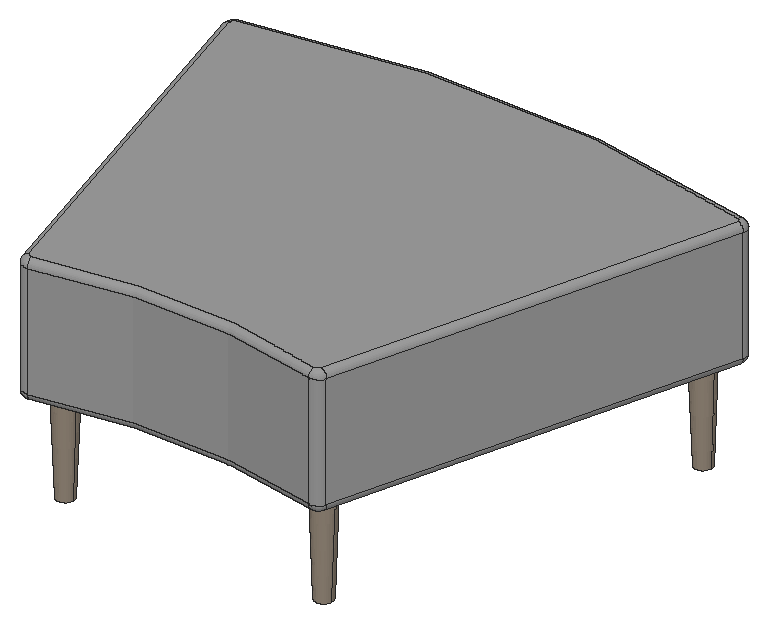
Revit family "Rise_RS-30-SPN-UPH_30DegSpannerUpholsteredTop", category Furniture, Revit 2021
Family settings
  OmniClass Number = 23.40.20.00
  OmniClass Title = General Furniture and Specialties
  Work Plane-Based = No
  Always vertical = Yes
  Cut with Voids When Loaded = No
  Shared = No
  Room Calculation Point = No
Parameters
  width = 39"
  seat material = Fabric 14i
  seat height = 16 1/2"
  front width = 22 19/128"
  depth = 30"
  Default Elevation = 0"
  Base material = wooden base 14
Reference planes (in)
  plane 1 "Center Front/Back": y = 0
  plane 2: z = 0
  plane 3 "Center Left/Right": x = 0
  plane 4: y = 15
  plane 5: y = -15
  plane 6: x = -19.5
  plane 7: x = 19.5
  plane 8: z = 16.5
  plane 9: z = 7.125
  plane 10: z = 17.25
  plane 11: x = 11.07422
  plane 12: x = -11.07422
  plane 13: through (11.07422, -15, 48) normal (-0.9627, 0.2704, 0)
  plane 14: through (-11.07422, -15, 48) normal (-0.9627, -0.2704, 0)
Forms (in)
  Blend 1, solid, material "wooden base 14" <- "Base material", not visible
    base sketch origin (-54.96047, -6.76014, 0) x (1, 0, 0) y (0, 1, 0)
      loop
        circle (63.95812, -0.39635) r 0.875
    top sketch origin (-54.96047, -6.76014, 0) x (1, 0, 0) y (0, 1, 0)
      loop
        circle (63.95812, -0.39635) r 0.62593
    from 7.12323 to 0
  Extrusion 2, void, not visible
    sketch origin (-14.90551, -4.34363, 0) x (1, 0, 0) y (0, 1, 0)
      loop
        circle (23.90316, -2.81286) r 0.3906
    from 0 to 7.12323
  Extrusion 3, solid, material "Fabric 14i" <- "seat material"
    sketch origin (0, 0, 0) x (1, 0, 0) y (0, 1, 0)
      loop
        arc (-11.25317, -14.36283) -> (-10.90582, -14.80972) -> (-10.34507, -14.88659) r 0.75
        arc (-10.34507, -14.88659) -> (0.00794, -13.56471) -> (10.36947, -14.81805) r 42.3
        arc (10.36947, -14.81805) -> (10.92756, -14.73872) -> (11.27277, -14.29307) r 0.75
        line (11.27277, -14.29307) -> (19.29303, 14.26308)
        arc (19.29303, 14.26308) -> (19.22022, 14.84134) -> (18.75535, 15.19286) r 0.75
        arc (18.75535, 15.19286) -> (0, 17.53423) -> (-18.75535, 15.19286) r 76.29
        arc (-18.75535, 15.19286) -> (-19.22022, 14.84134) -> (-19.29303, 14.26308) r 0.75
        line (-19.29303, 14.26308) -> (-11.25317, -14.36283)
    from 7.125 to 16.5
  Blend 4, solid, material "wooden base 14" <- "Base material"
    base sketch origin (-80.83141, -13.20324, 0) x (1, 0, 0) y (0, 1, 0)
      loop
        circle (63.95812, 26.80283) r 0.875
    top sketch origin (-80.83141, -13.20324, 0) x (1, 0, 0) y (0, 1, 0)
      loop
        circle (63.95812, 26.80283) r 0.62593
    from 7.12323 to 0
  Extrusion 5, void
    sketch origin (-40.77645, -10.78673, 0) x (1, 0, 0) y (0, 1, 0)
      loop
        circle (23.90316, 24.38632) r 0.3906
    from 0 to 7.12323
  Blend 6, solid, material "wooden base 14" <- "Base material"
    base sketch origin (-73.53069, -39.19746, 0) x (1, 0, 0) y (0, 1, 0)
      loop
        circle (63.95812, 26.80283) r 0.875
    top sketch origin (-73.53069, -39.19746, 0) x (1, 0, 0) y (0, 1, 0)
      loop
        circle (63.95812, 26.80283) r 0.62593
    from 7.12323 to 0
  Extrusion 7, void
    sketch origin (-33.47573, -36.78095, 0) x (1, 0, 0) y (0, 1, 0)
      loop
        circle (23.90316, 24.38632) r 0.3906
    from 0 to 7.12323
  Blend 8, solid, material "wooden base 14" <- "Base material"
    base sketch origin (73.53069, -12.79098, 0) x (-1, 0, 0) y (0, -1, 0)
      loop
        circle (63.95812, -0.39635) r 0.875
    top sketch origin (73.53069, -12.79098, 0) x (-1, 0, 0) y (0, -1, 0)
      loop
        circle (63.95812, -0.39635) r 0.62593
    from 7.12323 to 0
  Extrusion 9, void
    sketch origin (33.47573, -15.20749, 0) x (-1, 0, 0) y (0, -1, 0)
      loop
        circle (23.90316, -2.81286) r 0.3906
    from 0 to 7.12323
  Blend 10, solid, material "wooden base 14" <- "Base material"
    base sketch origin (80.83141, 13.20324, 0) x (-1, 0, 0) y (0, -1, 0)
      loop
        circle (63.95812, -0.39635) r 0.875
    top sketch origin (80.83141, 13.20324, 0) x (-1, 0, 0) y (0, -1, 0)
      loop
        circle (63.95812, -0.39635) r 0.62593
    from 7.12323 to 0
  Extrusion 11, void
    sketch origin (40.77645, 10.78673, 0) x (-1, 0, 0) y (0, -1, 0)
      loop
        circle (23.90316, -2.81286) r 0.3906
    from 0 to 7.12323
  Sweep 12, void
    path in 3D
      loop
        arc (-11.25317, -14.36283, 16.5) -> (-10.90582, -14.80972, 16.5) -> (-10.34507, -14.88659, 16.5) r 0.75
        arc (-10.34507, -14.88659, 16.5) -> (0.00794, -13.56471, 16.5) -> (10.36947, -14.81805, 16.5) r 42.3
        arc (10.36947, -14.81805, 16.5) -> (10.92756, -14.73872, 16.5) -> (11.27277, -14.29307, 16.5) r 0.75
        line (11.27277, -14.29307, 16.5) -> (19.29303, 14.26308, 16.5)
        arc (19.29303, 14.26308, 16.5) -> (19.22022, 14.84134, 16.5) -> (18.75535, 15.19286, 16.5) r 0.75
        arc (18.75535, 15.19286, 16.5) -> (0, 17.53423, 16.5) -> (-18.75535, 15.19286, 16.5) r 76.29
        arc (-18.75535, 15.19286, 16.5) -> (-19.22022, 14.84134, 16.5) -> (-19.29303, 14.26308, 16.5) r 0.75
        line (-19.29303, 14.26308, 16.5) -> (-11.25317, -14.36283, 16.5)
    profile origin (-15.2731, -0.04987, 16.5) x (0.962749, 0.270397, 0) y (0, 0, 1)
      loop
        line (0, 0) -> (0, -0.5)
        arc (0, -0.5) -> (0.14645, -0.14645) -> (0.5, 0) r 0.5
        line (0.5, 0) -> (0, 0)
  Sweep 13, void
    path in 3D
      loop
        arc (11.27277, -14.29307, 7.125) -> (10.92756, -14.73872, 7.125) -> (10.36947, -14.81805, 7.125) r 0.75
        arc (10.36947, -14.81805, 7.125) -> (0.00794, -13.56471, 7.125) -> (-10.34507, -14.88659, 7.125) r 42.3
        arc (-10.34507, -14.88659, 7.125) -> (-10.90582, -14.80972, 7.125) -> (-11.25317, -14.36283, 7.125) r 0.75
        line (-11.25317, -14.36283, 7.125) -> (-19.29303, 14.26308, 7.125)
        arc (-19.29303, 14.26308, 7.125) -> (-19.22022, 14.84134, 7.125) -> (-18.75535, 15.19286, 7.125) r 0.75
        arc (-18.75535, 15.19286, 7.125) -> (0, 17.53423, 7.125) -> (18.75535, 15.19286, 7.125) r 76.29
        arc (18.75535, 15.19286, 7.125) -> (19.22022, 14.84134, 7.125) -> (19.29303, 14.26308, 7.125) r 0.75
        line (19.29303, 14.26308, 7.125) -> (11.27277, -14.29307, 7.125)
    profile origin (15.2829, -0.01499, 7.125) x (-0.962749, 0.270397, 0) y (0, 0, -1)
      loop
        line (0, 0) -> (0, -0.5)
        arc (0, -0.5) -> (0.14645, -0.14645) -> (0.5, 0) r 0.5
        line (0.5, 0) -> (0, 0)
Cuts and joins
  Extrusion 5, Extrusion 7, Extrusion 9, Extrusion 11, Sweep 12, Sweep 13 cuts Extrusion 3
  Extrusion 5, Extrusion 7, Extrusion 11 cuts Blend 4
  Extrusion 7, Extrusion 9 cuts Blend 6
  Extrusion 9 cuts Blend 8
  Extrusion 11 cuts Blend 10
Lines and regions (in)
  sketch lines
    curve 1: line (-19.29303, 14.26308, 16.5) -> (-11.25317, -14.36283, 16.5)
    curve 2: arc (-10.34507, -14.88659, 16.5) -> (-10.90582, -14.80972, 16.5) -> (-11.25317, -14.36283, 16.5) r 0.75
    curve 3: arc (10.36947, -14.81805, 16.5) -> (0.00794, -13.56471, 16.5) -> (-10.34507, -14.88659, 16.5) r 42.3
    curve 4: arc (11.27277, -14.29307, 16.5) -> (10.92756, -14.73872, 16.5) -> (10.36947, -14.81805, 16.5) r 0.75
    curve 5: line (11.27277, -14.29307, 16.5) -> (19.29303, 14.26308, 16.5)
    curve 6: arc (18.75535, 15.19286, 16.5) -> (19.22022, 14.84134, 16.5) -> (19.29303, 14.26308, 16.5) r 0.75
    curve 7: arc (-18.75535, 15.19286, 16.5) -> (0, 17.53423, 16.5) -> (18.75535, 15.19286, 16.5) r 76.29
    curve 8: arc (-19.29303, 14.26308, 16.5) -> (-19.22022, 14.84134, 16.5) -> (-18.75535, 15.19286, 16.5) r 0.75
    curve 9: line (19.29303, 14.26308, 7.125) -> (11.27277, -14.29307, 7.125)
    curve 10: arc (10.36947, -14.81805, 7.125) -> (10.92756, -14.73872, 7.125) -> (11.27277, -14.29307, 7.125) r 0.75
    curve 11: arc (-10.34507, -14.88659, 7.125) -> (0.00794, -13.56471, 7.125) -> (10.36947, -14.81805, 7.125) r 42.3
    curve 12: arc (-11.25317, -14.36283, 7.125) -> (-10.90582, -14.80972, 7.125) -> (-10.34507, -14.88659, 7.125) r 0.75
    curve 13: line (-11.25317, -14.36283, 7.125) -> (-19.29303, 14.26308, 7.125)
    curve 14: arc (-18.75535, 15.19286, 7.125) -> (-19.22022, 14.84134, 7.125) -> (-19.29303, 14.26308, 7.125) r 0.75
    curve 15: arc (18.75535, 15.19286, 7.125) -> (0, 17.53423, 7.125) -> (-18.75535, 15.19286, 7.125) r 76.29
    curve 16: arc (19.29303, 14.26308, 7.125) -> (19.22022, 14.84134, 7.125) -> (18.75535, 15.19286, 7.125) r 0.75
Dimensions and locks (in)
  equal spacing: plane 6, plane 3 "Center Left/Right", plane 7
  equal spacing: plane 4, plane 1 "Center Front/Back", plane 5
  "depth": plane 4 to plane 5
  "width": plane 6 to plane 7
  "seat height": plane 8 to level
  plane 9 to level = 7 1/8"
  locked: plane 10 to plane 8 at 0.75
  equal spacing: plane 12, plane 3 "Center Left/Right", plane 11
  "front width": plane 12 to plane 11
  diameter of Blend 1 sketch curve = 1.25187"
  diameter of Extrusion 2 sketch curve = 0.7812"
  diameter of Blend 4 sketch curve = 1.25187"
  diameter of Extrusion 5 sketch curve = 0.7812"
  diameter of Blend 6 sketch curve = 1.25187"
  diameter of Extrusion 7 sketch curve = 0.7812"
  diameter of Blend 8 sketch curve = 1.25187"
  diameter of Extrusion 9 sketch curve = 0.7812"
  diameter of Blend 10 sketch curve = 1.25187"
  diameter of Extrusion 11 sketch curve = 0.7812"
  aligned and locked: level to plane 2
  aligned and locked: Extrusion 3 sketch curve to plane 14
  aligned and locked: Extrusion 3 sketch curve to plane 13
  aligned and locked: plane 8 to Extrusion 3
  aligned and locked: Extrusion 3 to plane 9
Automatic sketch dimensions
  Extrusion 3 sketch curve to plane 3 "Center Left/Right" = 0"
  Extrusion 3 sketch curve to plane 12 = 0.54311"
  plane 12 to Extrusion 3 sketch curve = 0.17895"
  plane 6 to Extrusion 3 sketch curve = 0.92903"
  plane 6 to Extrusion 3 sketch curve = 0.20697"
  plane 3 "Center Left/Right" to Extrusion 3 sketch curve = 0.14792"
  plane 11 to Extrusion 3 sketch curve = 0.52351"
  Extrusion 3 sketch curve to plane 11 = 0.19855"
  Extrusion 3 sketch curve to plane 7 = 0.92903"
  Extrusion 3 sketch curve to plane 7 = 0.20697"
  Extrusion 3 sketch curve to plane 5 = 40.86448"
  Extrusion 3 sketch curve to Extrusion 3 sketch curve = 2.89129"
  Extrusion 3 sketch curve to Extrusion 3 sketch curve = 0.2028"  (x2)
  Extrusion 3 sketch curve to plane 4 = 0.53412"  (x2)
  Extrusion 3 sketch curve to Extrusion 3 sketch curve = 0"  (x2)
  Sweep 12 sketch curve to profile plane = 0"  (x2)
  Sweep 12 sketch curve to profile plane = 1/2"
  Sweep 13 sketch curve to profile plane = 0"
  profile plane to Sweep 13 sketch curve = 0"
  Sweep 13 sketch curve to profile plane = 1/2"
  radius of Blend 1 sketch curve = 7/8"
  radius of Blend 4 sketch curve = 7/8"
  radius of Blend 6 sketch curve = 7/8"
  radius of Blend 8 sketch curve = 7/8"
  radius of Blend 10 sketch curve = 7/8"
